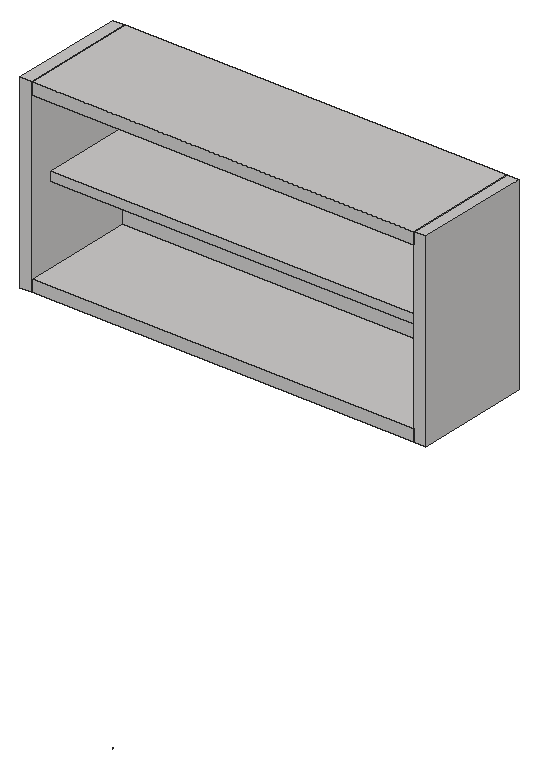
Revit family "QF_ELECTROLUXPROFESSIONAL_133258_PA1400LCN", category Attrezzature speciali, Revit 2020
Family settings
  Quota connettore circolare = Usa diametro
  Tipo di parte = Normale
  Basato su piano di lavoro = No
  Sempre verticale = Sì
  Taglio con vuoti quando caricato = No
  Condiviso = No
  Punto di calcolo locali = No
Parameters (values of type "Standard")
  Weight = 23.00 kg
  Watts = 0 W
  Volts = 0 V
  URL Manufacturer = "https://www.electroluxprofessional.com/"
  URL = "https://www.electroluxprofessional.com/"
  Steam Supply Size = 0 mm
  Steam Supply Minimum Pressure = 0.0 Pa
  Steam Supply Maximum Pressure = 0.0 Pa
  Steam Consumption per Hour = 0
  Refrigeration Suction Line Size = 0.0 mm
  Refrigeration Liquid Line Size = 0.0 mm
  Refrigerant Compressor Remote = yes
  Prospetto di default = 0.0 mm
  Phase = 0
  Modello = "PA1400LCN"
  Produttore = "Electrolux Professional"
  Length Actual = 1400.0 mm  # constant formula
  Item Number = "133258"
  Hot Water Size = 0 mm
  Height Actual = 650.0 mm  # constant formula
  HP = "0 HP"
  Gas Size = 0 mm
  Gas KW = 0
  Gas Input Pressure = 0 W
  Direct Waste Size = 0 mm
  Descrizione = "OPEN WALL CUPBOARD 1400 MM"
  Depth Actual = 400.0 mm  # constant formula
  Cycle = 0 Hz
  Condensate Return Size = 0 mm
  Compressed Air Volume = 0.0 L/s
  Compressed Air Size = 0 mm
  Compressed Air Pressure = 0.0 Pa
  Cold Water Size = 0 mm
  Accessory = yes
Reference planes
  plane 1 "Center (Front/Back)": y = 0
  plane 2: z = 0
  plane 3 "Center (Left/Right)": x = -300
  plane 4 "LEFT": x = -1000
  plane 5 "RIGHT": x = 400
  plane 6 "BACK": y = 200
  plane 7 "FRONT": y = -200
  plane 8 "Base": z = 2250
  plane 9 "BASE": z = 1600
  plane 10: x = -960
  plane 11: x = 360
  plane 12: y = -197
  plane 13: y = 150
  plane 14: y = 190
  plane 15 "Ripiano": z = 1910
  plane 16: z = 1940
Forms (mm)
  Extrusion 1, solid, material "QF_Finishes_Stainless Steel"
    sketch origin (0, 0, 1600) x (-1, 0, 0) y (0, -1, 0)
      loop
        line (1000, -200) -> (1000, 200) -> (960, 200) -> (960, -200) -> (1000, -200)
      loop
        line (-360, -200) -> (-360, 200) -> (-400, 200) -> (-400, -200) -> (-360, -200)
    from 0 to 650
  Extrusion 2, solid, material "QF_Finishes_Stainless Steel"
    sketch origin (0, 0, 1600) x (-1, 0, 0) y (0, -1, 0)
      loop
        line (960, -200) -> (960, 200) -> (-360, 200) -> (-360, -200) -> (960, -200)
    from 0 to 40
  Extrusion 3, solid, material "QF_Finishes_Stainless Steel"
    sketch origin (0, 0, 0) x (1, 0, 0) y (0, 1, 0)
      loop
        line (-960, -200) -> (360, -200) -> (360, 200) -> (-960, 200) -> (-960, -200)
    from 2210 to 2250
  Extrusion 4, solid, material "QF_Finishes_Stainless Steel"
    sketch origin (0, 0, 0) x (1, 0, 0) y (0, 1, 0)
      loop
        line (-1000, 200) -> (-1000, 199) -> (-999, 199) -> (-999, 200) -> (-1000, 200)
    from 0 to 1
  Extrusion 5, solid, material "QF_Finishes_Stainless Steel"
    sketch origin (0, 0, 1910) x (-1, 0, 0) y (0, -1, 0)
      loop
        line (960, -190) -> (960, 124.1) -> (-360, 124.1) -> (-360, -190) -> (960, -190)
    from 0 to 30
  Extrusion 6, solid, material "QF_Finishes_Stainless Steel"
    sketch origin (0, 0, 1910) x (-1, 0, 0) y (0, -1, 0)
      loop
        line (960, -200) -> (960, -190) -> (-360, -190) -> (-360, -200) -> (960, -200)
    from -270 to 300
Lines and regions (mm)
  symbolic lines
    curve 1: line (400, 200, 0) -> (-1000, -200, 0)
    curve 2: line (-1000, 200, 0) -> (400, 200, 0)
    curve 3: line (-1000, -200, 0) -> (-1000, 200, 0)
    curve 4: line (400, -200, 0) -> (-1000, -200, 0)
    curve 5: line (400, 200, 0) -> (400, -200, 0)
  symbolic lines, style "SpecialityEquipmentHiddenLines"
    curve 6: line (-960, -124.1, 1910) -> (360, -124.1, 1910)
    curve 7: line (360, -200, 1910) -> (360, 190, 1910)
    curve 8: line (360, 190, 1910) -> (-960, 190, 1910)
    curve 9: line (-960, 190, 1910) -> (-960, -200, 1910)
Dimensions and locks
  plane 4 "LEFT" to plane 5 "RIGHT" = 1400.0 mm
  equal spacing: plane 4 "LEFT", plane 3 "Center (Left/Right)", plane 5 "RIGHT"
  plane 6 "BACK" to plane 7 "FRONT" = 400.0 mm
  equal spacing: plane 6 "BACK", plane 1 "Center (Front/Back)", plane 7 "FRONT"
  plane 9 "BASE" to level = 1600.0 mm
  locked: plane 4 "LEFT" to plane 10 at 40
  locked: plane 11 to plane 5 "RIGHT" at 40
  plane 12 to plane 7 "FRONT" = 3.0 mm
  plane 6 "BACK" to plane 13 = 50.0 mm
  locked: plane 8 "Base" to plane 9 "BASE" at 650
  locked: plane 15 "Ripiano" to plane 9 "BASE" at 310
  locked: plane 16 to plane 15 "Ripiano" at 30
  aligned and locked: level to plane 2
  aligned and locked: plane 8 "Base" to Extrusion 1
  aligned and locked: plane 6 "BACK" to Extrusion 1 sketch curve
  aligned and locked: Extrusion 1 sketch curve to plane 6 "BACK"
  aligned and locked: plane 7 "FRONT" to Extrusion 1 sketch curve
  aligned and locked: Extrusion 1 sketch curve to plane 7 "FRONT"
  aligned and locked: plane 10 to Extrusion 1
  aligned and locked: Extrusion 1 to plane 11
  aligned and locked: Extrusion 2 to plane 10
  aligned and locked: plane 11 to Extrusion 2
  aligned and locked: plane 8 "Base" to Extrusion 3
  aligned and locked: Extrusion 3 to plane 7 "FRONT"
  aligned and locked: Extrusion 2 to plane 7 "FRONT"
Automatic sketch dimensions
  Extrusion 1 sketch curve to plane 5 "RIGHT" = 0.0 mm
  Extrusion 1 sketch curve to plane 11 = 0.0 mm
  Extrusion 1 sketch curve to plane 10 = 0.0 mm
  Extrusion 1 sketch curve to plane 4 "LEFT" = 0.0 mm
  Extrusion 2 sketch curve to plane 11 = 0.0 mm
  Extrusion 2 sketch curve to plane 10 = 0.0 mm
  Extrusion 2 sketch curve to plane 13 = 50.0 mm
  Extrusion 2 sketch curve to plane 12 = 3.0 mm
  Extrusion 3 sketch curve to plane 10 = 0.0 mm
  Extrusion 3 sketch curve to plane 11 = 0.0 mm
  Extrusion 3 sketch curve to plane 12 = 3.0 mm
  Extrusion 3 sketch curve to plane 14 = 10.0 mm
  Extrusion 4 sketch curve to plane 6 "BACK" = 0.0 mm
  Extrusion 4 sketch curve to plane 4 "LEFT" = 0.0 mm
  plane 4 "LEFT" to Extrusion 4 sketch curve = 1.0 mm
  Extrusion 4 sketch curve to plane 6 "BACK" = 1.0 mm
  curve 4 to plane 4 "LEFT" = 0.0 mm
  curve 5 to plane 5 "RIGHT" = 0.0 mm
  Extrusion 5 sketch curve to plane 11 = 0.0 mm
  Extrusion 5 sketch curve to plane 10 = 0.0 mm
  plane 14 to Extrusion 5 sketch curve = 0.0 mm
  plane 12 to Extrusion 5 sketch curve = 72.9 mm
  Extrusion 6 sketch curve to plane 6 "BACK" = 0.0 mm
  Extrusion 6 sketch curve to plane 11 = 0.0 mm
  Extrusion 6 sketch curve to plane 10 = 0.0 mm
  plane 14 to Extrusion 6 sketch curve = 0.0 mm
  curve 1 to plane 7 "FRONT" = 0.0 mm
  curve 3 to plane 6 "BACK" = 0.0 mm
  curve 6 to plane 11 = 0.0 mm
  curve 6 to plane 10 = 0.0 mm
  plane 14 to curve 9 = 0.0 mm
  curve 9 to plane 7 "FRONT" = 0.0 mm
  curve 7 to plane 7 "FRONT" = 0.0 mm
  plane 12 to curve 6 = 72.9 mm
